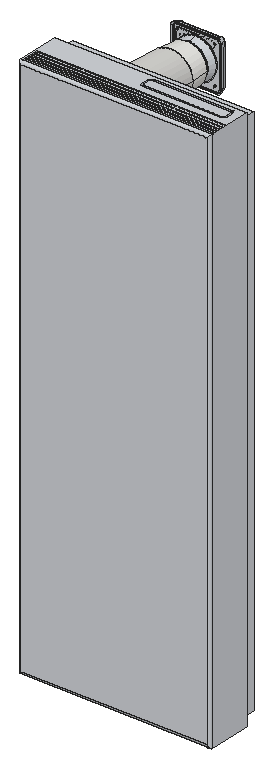
Revit family "57_CRD_ME_Sensa_V2X", category Mechanical Equipment, Revit 2020 (continued)
Definition of nested family "Square Grille"
  Forms (mm)
    Sweep 2, solid, material <- "materiaal", detail levels fine
      profile origin (-53.079, 0, -0.018) x (-1, 0, 0) y (0, -1, 0)
        loop
          line (3.757, 13) -> (5.135, 13)
          arc (5.135, 13) -> (5.744, 12.793) -> (6.101, 12.259) r 1
          line (6.101, 12.259) -> (9.386, 0)
    Extrusion 3, solid, material <- "materiaal", detail levels fine
      sketch origin (0, 0, 0) x (0, 1, 0) y (0, 0, 1)
        loop
          line (-4.5, 53.079) -> (-4.5, 50.079)
          arc (-4.5, 50.079) -> (-4.657, 49.541) -> (-5.077, 49.172) r 1
          line (-5.077, 49.172) -> (-9.609, 47.059)
          arc (-9.609, 47.059) -> (-11.811, 45.657) -> (-13.574, 43.732) r 10
          line (-13.574, 43.732) -> (-12.755, 43.158)
          arc (-12.755, 43.158) -> (-11.168, 44.891) -> (-9.186, 46.153) r 9
          line (-9.186, 46.153) -> (-4.655, 48.266)
          arc (-4.655, 48.266) -> (-3.858, 48.933) -> (-3.5, 49.908) r 2.015
          line (-3.5, 49.908) -> (-3.5, 53.079) -> (-4.5, 53.079)
        loop
          line (-4.5, 38.479) -> (-4.5, 35.479)
          arc (-4.5, 35.479) -> (-4.657, 34.941) -> (-5.077, 34.572) r 1
          line (-5.077, 34.572) -> (-9.609, 32.459)
          arc (-9.609, 32.459) -> (-11.811, 31.057) -> (-13.574, 29.132) r 10
          line (-13.574, 29.132) -> (-12.755, 28.558)
          arc (-12.755, 28.558) -> (-11.168, 30.291) -> (-9.186, 31.553) r 9
          line (-9.186, 31.553) -> (-4.655, 33.666)
          arc (-4.655, 33.666) -> (-3.858, 34.333) -> (-3.5, 35.308) r 2.015
          line (-3.5, 35.308) -> (-3.5, 38.479) -> (-4.5, 38.479)
        loop
          line (-4.5, 23.879) -> (-4.5, 20.879)
          arc (-4.5, 20.879) -> (-4.657, 20.341) -> (-5.077, 19.972) r 1
          line (-5.077, 19.972) -> (-9.609, 17.859)
          arc (-9.609, 17.859) -> (-11.811, 16.457) -> (-13.574, 14.532) r 10
          line (-13.574, 14.532) -> (-12.755, 13.958)
          arc (-12.755, 13.958) -> (-11.168, 15.691) -> (-9.186, 16.953) r 9
          line (-9.186, 16.953) -> (-4.655, 19.066)
          arc (-4.655, 19.066) -> (-3.858, 19.733) -> (-3.5, 20.708) r 2.015
          line (-3.5, 20.708) -> (-3.5, 23.879) -> (-4.5, 23.879)
        loop
          line (-4.5, 9.279) -> (-4.5, 6.279)
          arc (-4.5, 6.279) -> (-4.657, 5.741) -> (-5.077, 5.372) r 1
          line (-5.077, 5.372) -> (-9.609, 3.259)
          arc (-9.609, 3.259) -> (-11.811, 1.857) -> (-13.574, -0.068) r 10
          line (-13.574, -0.068) -> (-12.755, -0.642)
          arc (-12.755, -0.642) -> (-11.168, 1.091) -> (-9.186, 2.353) r 9
          line (-9.186, 2.353) -> (-4.655, 4.466)
          arc (-4.655, 4.466) -> (-3.858, 5.133) -> (-3.5, 6.108) r 2.015
          line (-3.5, 6.108) -> (-3.5, 9.279) -> (-4.5, 9.279)
        loop
          line (-4.5, -5.321) -> (-4.5, -8.321)
          arc (-4.5, -8.321) -> (-4.657, -8.859) -> (-5.077, -9.228) r 1
          line (-5.077, -9.228) -> (-9.609, -11.341)
          arc (-9.609, -11.341) -> (-11.811, -12.743) -> (-13.574, -14.668) r 10
          line (-13.574, -14.668) -> (-12.755, -15.242)
          arc (-12.755, -15.242) -> (-11.168, -13.509) -> (-9.186, -12.247) r 9
          line (-9.186, -12.247) -> (-4.655, -10.134)
          arc (-4.655, -10.134) -> (-3.858, -9.467) -> (-3.5, -8.492) r 2.015
          line (-3.5, -8.492) -> (-3.5, -5.321) -> (-4.5, -5.321)
        loop
          line (-4.5, -19.921) -> (-4.5, -22.921)
          arc (-4.5, -22.921) -> (-4.657, -23.459) -> (-5.077, -23.828) r 1
          line (-5.077, -23.828) -> (-9.609, -25.941)
          arc (-9.609, -25.941) -> (-11.811, -27.343) -> (-13.574, -29.268) r 10
          line (-13.574, -29.268) -> (-12.755, -29.842)
          arc (-12.755, -29.842) -> (-11.168, -28.109) -> (-9.186, -26.847) r 9
          line (-9.186, -26.847) -> (-4.655, -24.734)
          arc (-4.655, -24.734) -> (-3.858, -24.067) -> (-3.5, -23.092) r 2.015
          line (-3.5, -23.092) -> (-3.5, -19.921) -> (-4.5, -19.921)
        loop
          line (-4.5, -34.521) -> (-4.5, -37.521)
          arc (-4.5, -37.521) -> (-4.657, -38.059) -> (-5.077, -38.428) r 1
          line (-5.077, -38.428) -> (-9.609, -40.541)
          arc (-9.609, -40.541) -> (-11.811, -41.943) -> (-13.574, -43.868) r 10
          line (-13.574, -43.868) -> (-12.755, -44.442)
          arc (-12.755, -44.442) -> (-11.168, -42.709) -> (-9.186, -41.447) r 9
          line (-9.186, -41.447) -> (-4.655, -39.334)
          arc (-4.655, -39.334) -> (-3.858, -38.667) -> (-3.5, -37.692) r 2.015
          line (-3.5, -37.692) -> (-3.5, -34.521) -> (-4.5, -34.521)
        loop
          line (-3.5, -53.079) -> (-3.5, -49.579) -> (-4.5, -49.579) -> (-4.5, -53.079) -> (-3.5, -53.079)
      from -53.079 to 53.079
    Extrusion 4, solid, material <- "materiaal", detail levels fine
      sketch origin (0, 0, 0) x (1, 0, 0) y (0, 0, 1)
        loop
          arc (-51.286, 58.331) -> (-56.267, 56.267) -> (-58.331, 51.286) r 7.045
          line (-58.331, 51.286) -> (-58.331, -51.302)
          arc (-58.331, -51.302) -> (-56.272, -56.272) -> (-51.302, -58.331) r 7.028
          line (-51.302, -58.331) -> (51.286, -58.331)
          arc (51.286, -58.331) -> (56.267, -56.267) -> (58.331, -51.286) r 7.044
          line (58.331, -51.286) -> (58.331, 51.292)
          arc (58.331, 51.292) -> (56.269, 56.269) -> (51.292, 58.331) r 7.039
          line (51.292, 58.331) -> (-51.286, 58.331)
        loop
          circle (0, 0) r 45
      from 0 to 1
    Extrusion 5, solid, material <- "materiaal", detail levels fine
      sketch origin (0, 0, 0) x (1, 0, 0) y (0, 0, 1)
        loop
          line (51.292, 58.331) -> (-51.286, 58.331)
          arc (-51.286, 58.331) -> (-56.267, 56.267) -> (-58.331, 51.286) r 7.045
          line (-58.331, 51.286) -> (-58.331, -51.302)
          arc (-58.331, -51.302) -> (-56.272, -56.272) -> (-51.302, -58.331) r 7.028
          line (-51.302, -58.331) -> (51.286, -58.331)
          arc (51.286, -58.331) -> (56.267, -56.267) -> (58.331, -51.286) r 7.044
          line (58.331, -51.286) -> (58.331, 51.292)
          arc (58.331, 51.292) -> (56.269, 56.269) -> (51.292, 58.331) r 7.039
        loop
          line (-56.331, 51.286) -> (-56.331, -51.302)
          arc (-56.331, -51.302) -> (-54.858, -54.858) -> (-51.302, -56.331) r 5.028
          line (-51.302, -56.331) -> (51.286, -56.331)
          arc (51.286, -56.331) -> (54.853, -54.853) -> (56.331, -51.286) r 5.044
          line (56.331, -51.286) -> (56.331, 51.292)
          arc (56.331, 51.292) -> (54.855, 54.855) -> (51.292, 56.331) r 5.039
          line (51.292, 56.331) -> (-51.286, 56.331)
          arc (-51.286, 56.331) -> (-54.853, 54.853) -> (-56.331, 51.286) r 5.045
      from 0 to 10
    Extrusion 6, void
      sketch origin (0, 0, 0) x (1, 0, 0) y (0, 0, 1)
        loop
          arc (-50.552, 47.697) -> (-50.552, 44.182) -> (-47.037, 44.182) r 2.486
          line (-47.037, 44.182) -> (-44.201, 47.018)
          arc (-44.201, 47.018) -> (-44.201, 50.534) -> (-47.716, 50.534) r 2.486
          line (-47.716, 50.534) -> (-50.552, 47.697)
        loop
          line (50.552, 47.697) -> (47.716, 50.534)
          arc (47.716, 50.534) -> (44.201, 50.534) -> (44.201, 47.018) r 2.486
          line (44.201, 47.018) -> (47.037, 44.182)
          arc (47.037, 44.182) -> (50.552, 44.182) -> (50.552, 47.697) r 2.486
        loop
          line (-50.552, -47.697) -> (-47.716, -50.534)
          arc (-47.716, -50.534) -> (-44.201, -50.534) -> (-44.201, -47.018) r 2.486
          line (-44.201, -47.018) -> (-47.037, -44.182)
          arc (-47.037, -44.182) -> (-50.552, -44.182) -> (-50.552, -47.697) r 2.486
        loop
          arc (50.552, -47.697) -> (50.552, -44.182) -> (47.037, -44.182) r 2.486
          line (47.037, -44.182) -> (44.201, -47.018)
          arc (44.201, -47.018) -> (44.201, -50.534) -> (47.716, -50.534) r 2.486
          line (47.716, -50.534) -> (50.552, -47.697)
      from 0 to 3.5
    Extrusion 7, solid, detail levels coarse+medium
      sketch origin (0, 0, 0) x (1, 0, 0) y (0, 0, 1)
        loop
          circle (0, 0) r 46.5
      from -40 to 0
    Extrusion 8, solid, detail levels coarse+medium
      sketch origin (0, 0, 0) x (1, 0, 0) y (0, 0, 1)
        loop
          line (-63.5, 63.5) -> (-63.5, -63.5) -> (63.5, -63.5) -> (63.5, 63.5) -> (-63.5, 63.5)
      from 0 to 14
  Cuts and joins
    Extrusion 6 cuts Revolve 1
    Extrusion 6 cuts Extrusion 4
    Extrusion 6 cuts Extrusion 5
    joined: Revolve 1, Extrusion 4, Extrusion 5
    Extrusion 6 cuts Extrusion 3
  Dimensions and locks
    plane 1 "Center (Front/Back)" to Extrusion 7 = 40 mm
    Extrusion 8 sketch curve to plane 3 "Center (Left/Right)" to Extrusion 8 sketch curve = 63.5 mm, 63.5 mm
    Extrusion 8 sketch curve to plane 2 to Extrusion 8 sketch curve = 63.5 mm, 63.5 mm
    Extrusion 8 to plane 1 "Center (Front/Back)" = 14 mm
    diameter of Extrusion 7 sketch curve = 93 mm
    aligned and locked: level to plane 2
    aligned and locked: Sweep 2 sketch curve to plane 1 "Center (Front/Back)"
    aligned and locked: Sweep 2 sketch curve to profile plane
    aligned and locked: Extrusion 4 to plane 1 "Center (Front/Back)"
    aligned and locked: plane 1 "Center (Front/Back)" to Extrusion 7
    aligned and locked: Extrusion 8 to plane 1 "Center (Front/Back)"
